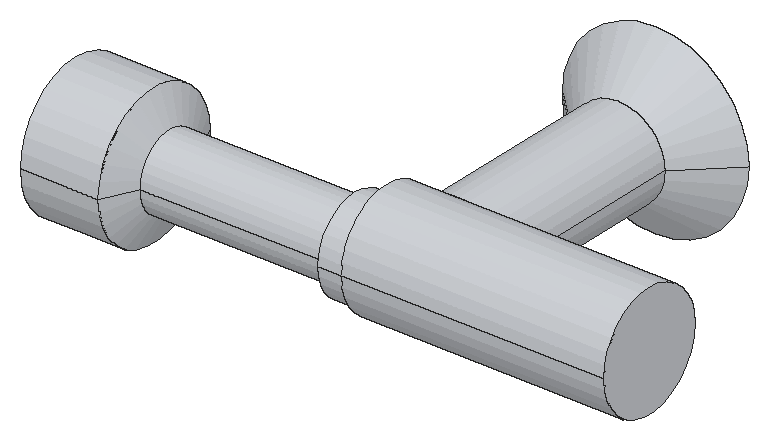
Revit family "Sifão do mictório - Garrafa - Aço", category Conexões de tubo, Revit 2019
Family settings
  Cota do conector redondo = Usar raio
  Tipo de parte = Múltiplas portas
  Com base no plano de trabalho = Não
  Sempre na vertical = Sim
  Corte com vazios quando carregada = Não
  Compartilhado = Não
Parameters (values of type "32 mmx40 mm")
  Raio do funil = Diâmetro do funil / 2  # 30 mm
  Altura do funil = 40 mm
  Diâmetro do funil = 60 mm
  Tamanho da marca de cota 2 = 0.4 * Diâmetro da saída  # 16 mm
  Tamanho da marca de cota 1 = 0.4 * Diâmetro da embocadura  # 12.8 mm
  Raio da saída = 20 mm
  Altura da saída = 119.5 mm
  Diâmetro da saída = Raio da saída * 2  # 40 mm
  Método de perda = Não definido
  Comprimento 1 = Raio da garrafa - Raio da porca de entrada  # 4.5 mm
  Raio da embocadura = 16 mm
  Raio da porca de entrada = Raio da embocadura * 1.25  # 20 mm
  Altura interna = 150 mm
  Diâmetro da embocadura = Raio da embocadura * 2  # 32 mm
  Comprimento 2 = if(Altura interna > 170 mm, 170 mm, if(Altura interna < 77 mm, 77 mm, Altura interna))  # 150 mm
  Raio da garrafa = Diâmetro da garrafa / 2  # 24.5 mm
  Altura da garrafa = 93 mm
  Diâmetro da garrafa = 49 mm
Reference planes
  plane 1 "Centro (Frente/Trás)": y = 0
  plane 2: z = 0
  plane 3 "Centro (Esquerda/Direita)": x = 0
  plane 4 "Traseira do redutor": y = 124
  plane 5 "Frente do redutor": y = 104
  plane 6 "Face de entrada": x = -150
  plane 7 "Inferior do funil": x = -110
  plane 8 "Parte inferior da garrafa": x = 93
  plane 9 "Topo da garrafa": x = -20
  plane 10: y = 4.5
  plane 11: x = -30
  plane 12 "Topo da marca": y = 6.4
  plane 13 "Inferior da marca": y = -6.4
  plane 14 "Esquerda da marca": x = -8
  plane 15 "Direita da marca": x = 8
Forms (mm)
  Extrusion 1, solid, detail levels fine
    sketch origin (0, 0, 0) x (0, 1, 0) y (0, 0, 1)
      loop
        circle (0, 0) r 16
    from 0 to -150
  Extrusion 2, solid, detail levels fine
    sketch origin (0, 0, 0) x (0, 1, 0) y (0, 0, 1)
      loop
        circle (4.5, 0) r 24.5
    from -20 to 93
  Extrusion 3, solid, detail levels fine
    sketch origin (0, 0, 0) x (1, 0, 0) y (0, 0, 1)
      loop
        circle (0, 0) r 20
    from -124 to 0
  Blend 4, solid, detail levels fine
    base sketch origin (0, 0, 0) x (1, 0, 0) y (0, 0, 1)
      loop
        circle (0, 0) r 40
    top sketch origin (0, 0, 0) x (1, 0, 0) y (0, 0, 1)
      loop
        circle (0, 0) r 20
    from -124 to -104
  Extrusion 5, solid, detail levels fine
    sketch origin (80, 0, 0) x (0, 1, 0) y (0, 0, 1)
      loop
        circle (0, 0) r 20
    from -110 to -100
  Revolve 6, solid, detail levels fine
    sketch origin (0, 0, 0) x (1, 0, 0) y (0, 1, 0)
      loop
        line (-150, 0) -> (-110, 0) -> (-110, 16) -> (-116.528, 30) -> (-150, 30) -> (-150, 0)
      axis (-110, 0) -> (-150, 0)
    angle from 0 to 360
Cuts and joins
  joined: Extrusion 1, Extrusion 2, Extrusion 3, Blend 4, Extrusion 5, Revolve 6
Lines and regions (mm)
  model lines, detail levels coarse+medium
    curve 1: line (-150, -6.4, 0) -> (-150, 6.4, 0)
    curve 2: line (-150, 0, 0) -> (0, 0, 0)
    curve 3: line (0, 0, 0) -> (0, 124, 0)
    curve 4: line (-8, 124, 0) -> (8, 124, 0)
Dimensions and locks
  locked: plane 4 "Traseira do redutor" to plane 5 "Frente do redutor" at 20
  "Comprimento 2": plane 6 "Face de entrada" to plane 3 "Centro (Esquerda/Direita)"
  "Altura da garrafa": plane 3 "Centro (Esquerda/Direita)" to plane 8 "Parte inferior da garrafa"
  "Raio da saída": plane 9 "Topo da garrafa" to plane 3 "Centro (Esquerda/Direita)"
  "Comprimento 1": plane 10 to plane 1 "Centro (Frente/Trás)"
  "Altura da saída": plane 4 "Traseira do redutor" to plane 10
  locked: plane 11 to plane 9 "Topo da garrafa" at 10
  equal spacing: plane 12 "Topo da marca", plane 1 "Centro (Frente/Trás)", plane 13 "Inferior da marca"
  "Tamanho da marca de cota 1": plane 12 "Topo da marca" to plane 13 "Inferior da marca"
  equal spacing: plane 14 "Esquerda da marca", plane 3 "Centro (Esquerda/Direita)", plane 15 "Direita da marca"
  "Tamanho da marca de cota 2": plane 14 "Esquerda da marca" to plane 15 "Direita da marca"
  "Altura do funil": plane 6 "Face de entrada" to plane 7 "Inferior do funil"
  "Raio da embocadura": Revolve 6 sketch curve to Revolve 6 sketch curve
  "Raio do funil": plane 1 "Centro (Frente/Trás)" to Revolve 6 sketch curve
  "Raio da embocadura": radius of Extrusion 1 sketch curve
  "Raio da garrafa": radius of Extrusion 2 sketch curve
  "Raio da saída": radius of Extrusion 3 sketch curve
  radius of Blend 4 sketch curve = 40 mm
  "Raio da saída": radius of Blend 4 sketch curve
  "Raio da porca de entrada": radius of Extrusion 5 sketch curve
  locked: plane 7 "Inferior do funil" to Revolve 6 sketch curve (angle 25.00°)
  aligned and locked: level to plane 2
  aligned and locked: plane 1 "Centro (Frente/Trás)" to Extrusion 1 sketch curve
  aligned and locked: plane 2 to Extrusion 1 sketch curve
  aligned and locked: Extrusion 1 to plane 3 "Centro (Esquerda/Direita)"
  aligned and locked: Extrusion 1 to plane 6 "Face de entrada"
  aligned and locked: plane 2 to Extrusion 2 sketch curve
  aligned and locked: plane 8 "Parte inferior da garrafa" to Extrusion 2
  aligned and locked: Extrusion 2 to plane 9 "Topo da garrafa"
  aligned and locked: plane 2 to Extrusion 3 sketch curve
  aligned and locked: plane 3 "Centro (Esquerda/Direita)" to Extrusion 3 sketch curve
  aligned and locked: plane 1 "Centro (Frente/Trás)" to Extrusion 3
  aligned and locked: plane 4 "Traseira do redutor" to Extrusion 3
  aligned and locked: plane 2 to Blend 4 sketch curve  (x2)
  aligned and locked: plane 3 "Centro (Esquerda/Direita)" to Blend 4 sketch curve  (x2)
  aligned and locked: plane 5 "Frente do redutor" to Blend 4
  aligned and locked: plane 4 "Traseira do redutor" to Blend 4
  aligned and locked: plane 10 to Extrusion 2 sketch curve
  aligned and locked: plane 9 "Topo da garrafa" to Extrusion 5
  aligned and locked: Extrusion 5 to plane 11
  aligned and locked: plane 6 "Face de entrada" to curve 1
  aligned and locked: plane 12 "Topo da marca" to curve 1
  aligned and locked: plane 13 "Inferior da marca" to curve 1
  aligned and locked: plane 6 "Face de entrada" to curve 2
  aligned and locked: plane 1 "Centro (Frente/Trás)" to curve 2
  aligned and locked: plane 3 "Centro (Esquerda/Direita)" to curve 3
  aligned and locked: plane 4 "Traseira do redutor" to curve 3
  aligned and locked: plane 14 "Esquerda da marca" to curve 4
  aligned and locked: curve 4 to plane 15 "Direita da marca"
  aligned and locked: curve 4 to plane 4 "Traseira do redutor"
  aligned and locked: Revolve 6 sketch curve to plane 1 "Centro (Frente/Trás)"
  aligned and locked: Revolve 6 sketch curve to plane 7 "Inferior do funil"
  aligned and locked: plane 6 "Face de entrada" to Revolve 6 sketch curve
  aligned and locked: Revolve 6 sketch curve to Revolve 6 sketch curve
Automatic sketch dimensions
  Extrusion 5 sketch curve to level = 0 mm
  Extrusion 5 sketch curve to plane 1 "Centro (Frente/Trás)" = 0 mm
  Revolve 6 sketch curve to plane 6 "Face de entrada" = 43 mm
  Revolve 6 sketch curve to plane 11 = 20 mm
Connectors
  piping at (-150, 0, 0), diameter 32, driven by "Raio da embocadura"
    settings: on Extrusion 1, index 1, connector inside diameter 32 mm, connector length 0 mm, flow factor 0, pipe flow 0.0 L/s, pressure drop 0.0 Pa, fitting loss kfactor 0, connector angle 0.00°, fixture units 0, engagement length 0 mm, angle of deflection 0.00°, flow configuration 0, flow direction 0, fitting loss method 0, system type 28, joint type 0, gender type 0, connector reference index 2, connector utility 0, adjustable connector no, is connector primary yes, connector description ""
  piping at (0, 124, 0), diameter 40, driven by "Raio da saída"
    settings: on Extrusion 3, index 2, connector inside diameter 40 mm, connector length 0 mm, flow factor 0, pipe flow 0.0 L/s, pressure drop 0.0 Pa, fitting loss kfactor 0, connector angle 0.00°, fixture units 0, engagement length 0 mm, angle of deflection 0.00°, flow configuration 0, flow direction 0, fitting loss method 0, system type 28, joint type 0, gender type 0, connector reference index 1, connector utility 0, adjustable connector no, is connector primary no, connector description ""
